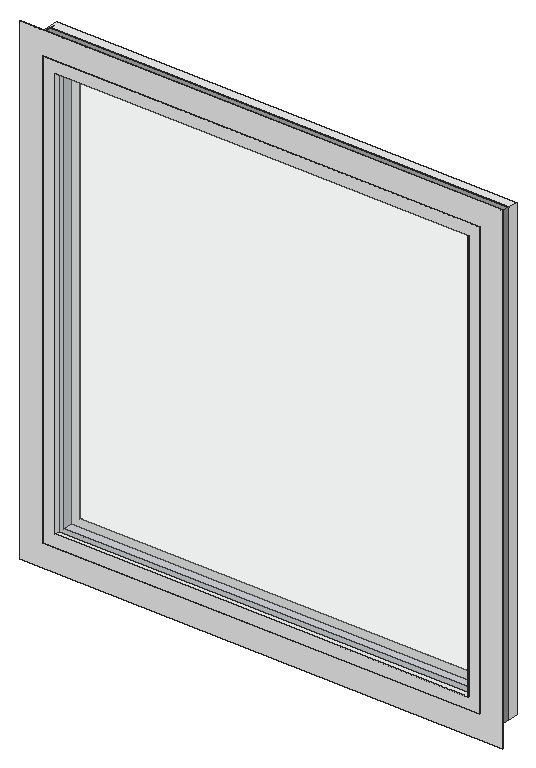
Revit family "Edge_TB42_B_Top_Hung_Standard", category Windows, host Wall, Revit 2014
Parameters (values of type "Casement_Sash_DG")
  Width Sash [instance] = 30 mm
  Width Sash Inner = 15 mm
  Width Bead = 15 mm
  Top Hung [instance] = yes
  Thermal Break Material = Rubber, Black
  Thermal Break Length = 16 mm
  Side Hung Right [instance] = yes
  Side Hung Left [instance] = yes
  Sash Opening Width [instance] = 600 mm
  Sash Opening Height [instance] = 600 mm
  Sash Lip = 15 mm
  Sash Leg [instance] = (Depth Sash - Thermal Break Length) / 2  # 13 mm
  SG Bead Leg = 6.683 mm
  Glazing Material [instance] = Glass
  Glazing Offset = 5 mm
  DG Start Piece 2 [instance] = DG End Piece 1 + DG Gasket Thickness  # 24.158 mm
  DG Start Peice 1 [instance] = ((Depth Sash - (2 * DG Glazing Thickness) - DG Gasket Thickness) / 2) - (SG Bead Leg - Aluminium Thickness) / 2  # 5.758 mm
  DG Glazing Thickness [instance] = 6.4 mm
  DG Gasket Thickness = 12 mm  # constant formula
  DG Gasket Material [instance] = none
  Depth Sash [instance] = 42 mm
  DG End Piece 2 [instance] = DG Start Piece 2 + DG Glazing Thickness  # 30.558 mm
  DG End Piece 1 [instance] = DG Start Peice 1 + DG Glazing Thickness  # 12.158 mm
  Center Vertical Sash [instance] = Sash Opening Height / 2  # 300 mm
  Center Horizontal Sash [instance] = Sash Opening Width / 2  # 300 mm
  Bottom Hung [instance] = yes
  Bead Offset = 15 mm
  Aluminium Thickness = 1 mm
  Aluminium Material [instance] = White Powder Coated Aluminium
Reference planes
  plane 1 "Center (Front/Back)": y = 0
  plane 2: z = 0
  plane 3 "Center (Left/Right)": x = 0
Forms (mm)
  Sweep 1, solid, material "White Powder Coated Aluminium" <- "Aluminium Material"
    path origin (16.177, 0, 121.331) x (1, 0, 0) y (0, 0, 1)
      loop
        line (0, 0) -> (600, 0) -> (600, 600) -> (0, 600) -> (0, 0)
    profile origin (316.177, 0, 121.331) x (0, 0, 1) y (0, -1, 0)
      loop
        line (0, 0) -> (30, 0) -> (30, 1) -> (15, 1) -> (15, 13) -> (14, 13) -> (14, 1) -> (1, 1) -> (1, 13) -> (0, 13) -> (0, 0)
      loop
        line (15, 42) -> (-15, 42) -> (-15, 41) -> (0, 41) -> (0, 29) -> (1, 29) -> (1, 41) -> (14, 41) -> (14, 29) -> (15, 29) -> (15, 42)
  Sweep 2, solid, material "White Powder Coated Aluminium" <- "Aluminium Material"
    path origin (0, 0, 0) x (1, 0, 0) y (0, 0, 1)
      loop
        line (31.177, 706.331) -> (31.177, 136.331) -> (601.177, 136.331) -> (601.177, 706.331) -> (31.177, 706.331)
    profile origin (316.177, 0, 706.331) x (0, 0, 1) y (0, -1, 0)
      loop
        line (0, 41) -> (0, 42) -> (-15, 42) -> (-15, 35.317) -> (-14, 35.317) -> (-14, 41) -> (0, 41)
  Extrusion 3, solid, material "Glass" <- "Glazing Material"
    sketch origin (0, 0, 0) x (1, 0, 0) y (0, 0, 1)
      loop
        line (36.177, 701.331) -> (36.177, 141.331) -> (596.177, 141.331) -> (596.177, 701.331) -> (36.177, 701.331)
    from 5.758 <- "DG Start Peice 1" to 12.158 <- "DG End Piece 1"
  Extrusion 4, solid, material "Glass" <- "Glazing Material"
    sketch origin (0, 0, 0) x (1, 0, 0) y (0, 0, 1)
      loop
        line (36.177, 701.331) -> (36.177, 141.331) -> (596.177, 141.331) -> (596.177, 701.331) -> (36.177, 701.331)
    from 30.558 <- "DG End Piece 2" to 24.158 <- "DG Start Piece 2"
  Sweep 5, solid, material <- "DG Gasket Material"
    path origin (0, -12.158, 0) x (1, 0, 0) y (0, 0, 1)
      loop
        line (36.177, 701.331) -> (36.177, 141.331) -> (596.177, 141.331) -> (596.177, 701.331) -> (36.177, 701.331)
    profile origin (316.177, -12.158, 701.331) x (0, 0, 1) y (0, -1, 0)
      loop
        line (0, 0) -> (0, 12) -> (-7.96, 12) -> (-7.96, 0) -> (0, 0)
  Sweep 6, solid, material "Rubber, Black" <- "Thermal Break Material"
    path origin (16.177, -13, 121.331) x (1, 0, 0) y (0, 0, 1)
      loop
        line (-15, 615) -> (-15, -15) -> (615, -15) -> (615, 615) -> (-15, 615)
    profile origin (316.177, -13, 736.331) x (0, 0, 1) y (0, -1, 0)
      loop
        line (-15, 16) -> (-16, 16) -> (-16, 0) -> (-15, 0) -> (-15, 16)
      loop
        line (-29, 16) -> (-30, 16) -> (-30, 0) -> (-29, 0) -> (-29, 16)
Lines and regions (mm)
  model lines
    curve 1: line (1.177, -42, 736.331) -> (31.177, -42, 706.331)
    curve 2: line (601.177, -42, 706.331) -> (631.177, -42, 736.331)
    curve 3: line (601.177, -42, 136.331) -> (631.177, -42, 106.331)
    curve 4: line (1.177, -42, 106.331) -> (31.177, -42, 136.331)
    curve 5: line (631.177, -41, 736.331) -> (616.177, -41, 721.331)
    curve 6: line (1.177, -41, 736.331) -> (16.177, -41, 721.331)
    curve 7: line (1.177, -41, 106.331) -> (16.177, -41, 121.331)
    curve 8: line (631.177, -41, 106.331) -> (616.177, -41, 121.331)
    curve 9: line (616.177, 0, 121.331) -> (586.177, 0, 151.331)
    curve 10: line (46.177, 0, 151.331) -> (16.177, 0, 121.331)
    curve 11: line (616.177, 0, 721.331) -> (586.177, 0, 691.331)
    curve 12: line (46.177, 0, 691.331) -> (16.177, 0, 721.331)
    curve 13: line (31.177, -42, 691.331) -> (46.177, -42, 691.331)
    curve 14: line (586.177, -42, 691.331) -> (601.177, -42, 691.331)
    curve 15: line (586.177, -42, 151.331) -> (601.177, -42, 151.331)
    curve 16: line (31.177, -42, 151.331) -> (46.177, -42, 151.331)
  model lines, style "GenericModelHiddenLines", visible <- "Top Hung"
    curve 17: line (46.386, -30.558, 690.602) -> (316.177, -30.558, 151.331)
    curve 18: line (316.177, -30.558, 151.331) -> (586.177, -30.558, 691.018)
  model lines, style "GenericModelHiddenLines", visible <- "Bottom Hung"
    curve 19: line (46.177, -30.558, 151.331) -> (316.177, -30.558, 691.018)
    curve 20: line (316.177, -30.558, 691.018) -> (586.177, -30.558, 151.331)
  model lines, style "GenericModelHiddenLines", visible <- "Side Hung Left"
    curve 21: line (46.386, -30.558, 690.602) -> (585.24, -30.558, 421.331)
    curve 22: line (585.24, -30.558, 421.331) -> (46.177, -30.558, 151.331)
  model lines, style "GenericModelHiddenLines", visible <- "Side Hung Right"
    curve 23: line (586.177, -30.558, 691.018) -> (46.177, -30.558, 421.331)
    curve 24: line (46.177, -30.558, 421.331) -> (586.177, -30.558, 151.331)
Dimensions and locks
  "Aluminium Thickness": Sweep 1 sketch curve to Sweep 1 sketch curve  (x6)
  "Depth Sash": Sweep 1 sketch curve to Sweep 1 sketch curve
  "Sash Opening Width": Sweep 1 to Sweep 1
  "Sash Opening Height": Sweep 1 to Sweep 1
  "Width Sash": Sweep 1 sketch curve to Sweep 1 sketch curve  (x2)
  "Width Sash Inner": Sweep 1 sketch curve to Sweep 1 sketch curve
  "Sash Lip": Sweep 1 sketch curve to Sweep 1 sketch curve
  "Glazing Offset": Sweep 2 to Extrusion 3 sketch curve  (x3)
  "Glazing Offset": Extrusion 3 sketch curve to Sweep 2
  Sweep 1 to Sweep 1 = 1 mm
  "Width Bead": Sweep 2 sketch curve to Sweep 2 sketch curve
  locked: Sweep 5 sketch curve to Sweep 5 sketch curve at 7.96
  "Center Horizontal Sash": Sweep 1 to curve 18
  "Center Horizontal Sash": Sweep 1 to curve 20
  "Center Vertical Sash": Sweep 1 to curve 22
  "Center Vertical Sash": Sweep 1 to curve 24
  "Sash Leg": Sweep 1 sketch curve to Sweep 1 sketch curve
  "Aluminium Thickness": Sweep 2 sketch curve to Sweep 2 sketch curve  (x2)
  "SG Bead Leg": Sweep 2 sketch curve to Sweep 2 sketch curve
  aligned and locked: level to plane 2
  aligned and locked: Sweep 1 sketch curve to Sweep 1 sketch curve  (x3)
  aligned and locked: Sweep 2 sketch curve to Sweep 1  (x4)
  aligned and locked: Sweep 1 to Sweep 2 sketch curve  (x2)
  aligned and locked: Extrusion 4 sketch curve to Extrusion 3  (x4)
  aligned and locked: Sweep 5 sketch curve to Extrusion 3  (x5)
  aligned and locked: Extrusion 3 to Sweep 5 sketch curve
  aligned and locked: Sweep 6 sketch curve to Sweep 1  (x10)
  aligned and locked: Sweep 1 to Sweep 6 sketch curve  (x2)
Automatic sketch dimensions
  plane 3 "Center (Left/Right)" to Sweep 1 sketch curve = 16.177 mm
  level to Sweep 1 sketch curve = 121.331 mm
  plane 3 "Center (Left/Right)" to Sweep 1 sketch curve = 616.177 mm
  level to Sweep 1 sketch curve = 721.331 mm
  profile plane to Sweep 5 sketch curve = 12 mm
  curve 7 to Sweep 1 = 0 mm  (x4)
  curve 6 to Sweep 1 = 0 mm  (x3)
  Sweep 1 to curve 6 = 0 mm
  curve 5 to Sweep 1 = 0 mm  (x3)
  curve 8 to Sweep 1 = 0 mm  (x4)
  Sweep 1 to curve 5 = 0 mm
  curve 16 to Sweep 2 = 0 mm  (x3)
  curve 13 to Sweep 2 = 0 mm  (x3)
  curve 15 to Sweep 2 = 0 mm
  Sweep 2 to curve 15 = 0 mm  (x2)
  curve 14 to Sweep 2 = 0 mm  (x2)
  Sweep 2 to curve 14 = 0 mm
  curve 1 to Sweep 1 = 0 mm  (x4)
  curve 4 to Sweep 1 = 0 mm  (x4)
  curve 2 to Sweep 1 = 0 mm  (x4)
  curve 3 to Sweep 1 = 0 mm  (x2)
  Sweep 1 to curve 3 = 0 mm  (x2)
  curve 10 to Sweep 1 = 0 mm  (x4)
  curve 12 to Sweep 1 = 0 mm  (x2)
  Sweep 1 to curve 12 = 0 mm  (x2)
  curve 11 to Sweep 1 = 0 mm  (x4)
  curve 9 to Sweep 1 = 0 mm  (x4)
  profile plane to Sweep 1 sketch curve = 0 mm  (x2)
  Sweep 1 sketch curve to plane 1 "Center (Front/Back)" = 0 mm
  Sweep 1 sketch curve to Sweep 1 sketch curve = 13 mm
  Sweep 1 sketch curve to Sweep 1 sketch curve = 12 mm  (x2)
  curve 21 to Extrusion 4 = 10.208 mm
  curve 19 to Extrusion 4 = 10 mm
  curve 23 to Extrusion 4 = 10 mm  (x2)
  curve 22 to Extrusion 4 = 10.937 mm
  curve 20 to Extrusion 4 = 10 mm
  curve 24 to Extrusion 4 = 10 mm
  curve 22 to Extrusion 4 = 10 mm
  curve 18 to Extrusion 4 = 10 mm
  curve 21 to Extrusion 4 = 10.729 mm
  curve 19 to Extrusion 4 = 10.312 mm
  curve 18 to Extrusion 4 = 10.312 mm
Types in the file's own list only (6): name | Windload Design | Width Sash Opening | Width Sash | Width Profile | Width Panel 4 | Width Panel 1 | Width | URL | Offset Window Exterior | Max System DG Unit Thickness | Max System DG One Piece Thickness | Max Pane Area | Limit Fixed Panel Width Max | Intruderprufe U Value | Intruderprufe SHGC Value | Intruderprufe LowE U Value | Intruderprufe LowE SHGC Value | Intruderprufe Insulated U Value | Intruderprufe Insulated SHGC Value | Intruderprufe Insulated LowE U Value | Intruderprufe Insulated LowE SHGC Value | Height Sash Opening | Height | Has Stiffener Cap | Energy Advantage U Value | Energy Advantage SHGC Value | DG Thickness Calc | Custom Window Width | Custom Window Height | Window Exterior Offset | Custom Windload | Custom Sash Width | Sash Spacing Inner | Sash Overlap | Sash Center Offset | SG Gasket Thickness | Offset Sash Left | Offset Sash Top | Offset Panel 4 Left | Offset Mullion Left | Offset Bead SG Center Reversed | Model | Manufacturer | Limit Window Width Min | Limit Window Width Max | Limit Window Height Min | Limit Window Height Max | Limit Sash Width Min | Limit Sash Width Max | Limit Sash Height Min | Limit Sash Height Max | Limit Fixed Panel Width Min | Length Mullion | Height Sash | Height Panel 4 | Description | Depth Mullion | Frame Center Offset | Depth Bead | Default Sill Height | Wall Closure | DG Gasket Finish | DG Extrusion Start | Mullion Depth Windload Based | Clearvue U Value | Clearvue SHGC Value | Clearvue Insulated U Value | Clearvue Insulated SHGC Value | Clearvue Insulated LowE U Value | Clearvue Insulated LowE SHGC Value | Casement Dimension | Bottom Hung | Bead SG Gap | Area Pane Right | Area Pane Left
  EDGE-1206T-1000Pa | 1000 mm | 554 mm | 524 mm | 30 mm | 561 mm | 539 mm | 1190 mm | "http://www.crealco.co.za/crealco-products.php" | 21 mm | 25 mm | 6 mm | 0.29 m² | 1500 mm | 5.2 | 0.493 | 4.01 | 0.44 | 3.09 | 0.442 | 2.64 | 0.4 | 544 mm | 590 mm | No | 4.01 | 0.475 | 4 mm | 1190 mm | 590 mm | 0 mm | 1000 mm | 554 mm | 8 mm | 7 mm | 18 mm | 6 mm | 23 mm | 23 mm | 599 mm | 569 mm | 21 mm | "Edge" | "Crealco" | 829 mm | 2129 mm | 346 mm | 1246 mm | 300 mm | 1500 mm | 300 mm | 1200 mm | 200 mm | 590 mm | 514 mm | 530 mm | "Thermal break casement windows (42mm), Type B top hung" | 0 mm | 21 mm | 28 mm | 800 mm | By host | Double Glazing Gasket Material | 11 mm | 0 mm | 5.29 | 0.53 | 3.13 | 0.483 | 2.68 | 0.439 | 42 mm | No | 13 mm | 0.29 m² | 0.23 m²
  EDGE-1506T-1000Pa | 1000 mm | 554 mm | 524 mm | 30 mm | 861 mm | 539 mm | 1490 mm | "http://www.crealco.co.za/crealco-products.php" | 21 mm | 25 mm | 6 mm | 0.44 m² | 1500 mm | 5.24 | 0.495 | 4.07 | 0.446 | 3.08 | 0.443 | 2.63 | 0.401 | 544 mm | 590 mm | No | 4.05 | 0.478 | 4 mm | 1490 mm | 590 mm | 0 mm | 1000 mm | 554 mm | 8 mm | 7 mm | 18 mm | 6 mm | 23 mm | 23 mm | 599 mm | 569 mm | 21 mm | "Edge" | "Crealco" | 829 mm | 2129 mm | 346 mm | 1246 mm | 300 mm | 1500 mm | 300 mm | 1200 mm | 200 mm | 590 mm | 514 mm | 530 mm | "Thermal break casement windows (42mm), Type B top hung" | 0 mm | 21 mm | 28 mm | 800 mm | By host | Double Glazing Gasket Material | 11 mm | 0 mm | 5.33 | 0.533 | 3.12 | 0.484 | 2.67 | 0.441 | 42 mm | No | 13 mm | 0.44 m² | 0.23 m²
  EDGE-1206T-1500Pa | 1500 mm | 554 mm | 524 mm | 30 mm | 561 mm | 539 mm | 1190 mm | "http://www.crealco.co.za/crealco-products.php" | 21 mm | 25 mm | 6 mm | 0.29 m² | 1500 mm | 5.2 | 0.493 | 4.01 | 0.44 | 3.09 | 0.442 | 2.64 | 0.4 | 544 mm | 590 mm | No | 4.01 | 0.475 | 4 mm | 1190 mm | 590 mm | 0 mm | 1500 mm | 554 mm | 8 mm | 7 mm | 18 mm | 6 mm | 23 mm | 23 mm | 599 mm | 569 mm | 21 mm | "Edge" | "Crealco" | 829 mm | 2129 mm | 346 mm | 1246 mm | 300 mm | 1500 mm | 300 mm | 1200 mm | 200 mm | 590 mm | 514 mm | 530 mm | "Thermal break casement windows (42mm), Type B top hung" | 0 mm | 21 mm | 28 mm | 800 mm | By host | Double Glazing Gasket Material | 11 mm | 0 mm | 5.29 | 0.53 | 3.13 | 0.483 | 2.68 | 0.439 | 42 mm | No | 13 mm | 0.29 m² | 0.23 m²
  EDGE-1206T-2000Pa | 2000 mm | 554 mm | 524 mm | 30 mm | 561 mm | 539 mm | 1190 mm | "http://www.crealco.co.za/crealco-products.php" | 21 mm | 25 mm | 6 mm | 0.29 m² | 1500 mm | 5.2 | 0.493 | 4.01 | 0.44 | 3.09 | 0.442 | 2.64 | 0.4 | 544 mm | 590 mm | No | 4.01 | 0.475 | 4 mm | 1190 mm | 590 mm | 0 mm | 2000 mm | 554 mm | 8 mm | 7 mm | 18 mm | 6 mm | 23 mm | 23 mm | 599 mm | 569 mm | 21 mm | "Edge" | "Crealco" | 829 mm | 2129 mm | 346 mm | 1246 mm | 300 mm | 1500 mm | 300 mm | 1200 mm | 200 mm | 590 mm | 514 mm | 530 mm | "Thermal break casement windows (42mm), Type B top hung" | 0 mm | 21 mm | 28 mm | 800 mm | By host | Double Glazing Gasket Material | 11 mm | 0 mm | 5.29 | 0.53 | 3.13 | 0.483 | 2.68 | 0.439 | 42 mm | No | 13 mm | 0.29 m² | 0.23 m²
  EDGE-1506T-1500Pa | 1500 mm | 554 mm | 524 mm | 30 mm | 861 mm | 539 mm | 1490 mm | "http://www.crealco.co.za/crealco-products.php" | 21 mm | 25 mm | 6 mm | 0.44 m² | 1500 mm | 5.24 | 0.495 | 4.07 | 0.446 | 3.08 | 0.443 | 2.63 | 0.401 | 544 mm | 590 mm | No | 4.05 | 0.478 | 4 mm | 1490 mm | 590 mm | 0 mm | 1500 mm | 554 mm | 8 mm | 7 mm | 18 mm | 6 mm | 23 mm | 23 mm | 599 mm | 569 mm | 21 mm | "Edge" | "Crealco" | 829 mm | 2129 mm | 346 mm | 1246 mm | 300 mm | 1500 mm | 300 mm | 1200 mm | 200 mm | 590 mm | 514 mm | 530 mm | "Thermal break casement windows (42mm), Type B top hung" | 0 mm | 21 mm | 28 mm | 800 mm | By host | Double Glazing Gasket Material | 11 mm | 0 mm | 5.33 | 0.533 | 3.12 | 0.484 | 2.67 | 0.441 | 42 mm | No | 13 mm | 0.44 m² | 0.23 m²
  EDGE-1506T-2000Pa | 2000 mm | 554 mm | 524 mm | 30 mm | 861 mm | 539 mm | 1490 mm | "http://www.crealco.co.za/crealco-products.php" | 21 mm | 25 mm | 6 mm | 0.44 m² | 1500 mm | 5.24 | 0.495 | 4.07 | 0.446 | 3.08 | 0.443 | 2.63 | 0.401 | 544 mm | 590 mm | No | 4.05 | 0.478 | 4 mm | 1490 mm | 590 mm | 0 mm | 2000 mm | 554 mm | 8 mm | 7 mm | 18 mm | 6 mm | 23 mm | 23 mm | 599 mm | 569 mm | 21 mm | "Edge" | "Crealco" | 829 mm | 2129 mm | 346 mm | 1246 mm | 300 mm | 1500 mm | 300 mm | 1200 mm | 200 mm | 590 mm | 514 mm | 530 mm | "Thermal break casement windows (42mm), Type B top hung" | 0 mm | 21 mm | 28 mm | 800 mm | By host | Double Glazing Gasket Material | 11 mm | 0 mm | 5.33 | 0.533 | 3.12 | 0.484 | 2.67 | 0.441 | 42 mm | No | 13 mm | 0.44 m² | 0.23 m²
